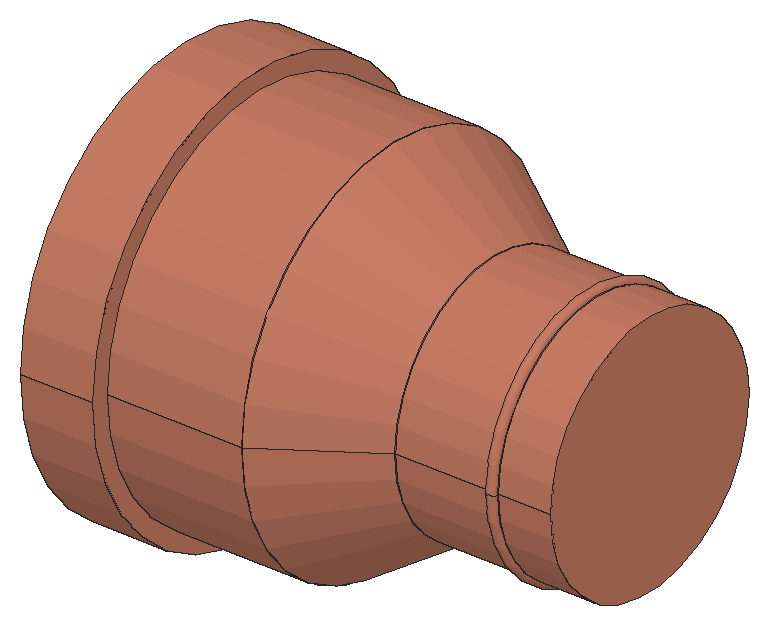
Revit family "CouplingReducer-B-PressXL-Water-Gas-Conex-65-100mm", category Pipe Fittings, Revit 2019
Family settings
  Round Connector Dimension = Use Diameter
  Part Type = Transition
  OmniClass Number = 23.60.30.11.14
  OmniClass Title = Pipework Fittings
  Work Plane-Based = No
  Always vertical = Yes
  Cut with Voids When Loaded = No
  Shared = No
Parameters (values of type "Gas")
  Z [instance] = if(or(and(WorkingFluidSelector = 1, NominalDiameter_1 = 100 mm, NominalDiameter_2 = 50 mm), and(WorkingFluidSelector = 1, NominalDiameter_1 = 50 mm, NominalDiameter_2 = 100 mm)), 49 mm, if(NominalDiameter_1 > NominalDiameter_2, size_lookup(Lookup Table Name, "Z", L * 0.3, NominalDiameter_1, NominalDiameter_2), size_lookup(Lookup Table Name, "Z", L * 0.3, NominalDiameter_2, NominalDiameter_1)))  # 31 mm
  WorkingFluidSelector = 1
  WorkingFluid [instance] = if(WorkingFluidSelector = 1, "Gas", if(WorkingFluidSelector = 2, "Water", "WorkingFluid NA"))  # "Gas"
  Uniformat IIElements = "TBC"
  URL = "http://www.conexbanninger.com.au/products/b-press-fittings#t=b-press-xl"
  Type Comments = "TBC"
  SerialNumber [instance] = ""
  SealRingLength [instance] = EngagementLength * 0.35  # 21 mm
  RightSideSealRingDiameter [instance] = NominalDiameter_2 * 1.2  # 78 mm
  LeftSideSealRingDiameter [instance] = NominalDiameter_1 * 1.2  # 120 mm
  RingThickness [instance] = 3 mm  # constant formula
  RingCenter [instance] = L * 0.125  # 16.75 mm
  RightSideRingAlignment [instance] = FittingOutsideDiameter_2 / 2  # 35.75 mm
  RightSocketLength [instance] = if(NominalDiameter_1 < NominalDiameter_2, EngagementLength, L - (EngagementLength + Z - 2 mm))  # 45 mm
  RightSocketDepth [instance] = if(NominalDiameter_1 < NominalDiameter_2, EngagementLength, L - (EngagementLength + Z))  # 43 mm
  ProductCode [instance] = if(and(NominalDiameter_1 = 65 mm, NominalDiameter_2 = 32 mm, WorkingFluidSelector = 1), "404888", if(and(NominalDiameter_1 = 32 mm, NominalDiameter_2 = 65 mm, WorkingFluidSelector = 1), "404888", if(and(NominalDiameter_1 = 65 mm, NominalDiameter_2 = 40 mm, WorkingFluidSelector = 1), "404889", if(and(NominalDiameter_1 = 40 mm, NominalDiameter_2 = 65 mm, WorkingFluidSelector = 1), "404889", if(and(NominalDiameter_1 = 65 mm, NominalDiameter_2 = 50 mm, WorkingFluidSelector = 1), "404890", if(and(NominalDiameter_1 = 50 mm, NominalDiameter_2 = 65 mm, WorkingFluidSelector = 1), "404890", if(and(NominalDiameter_1 = 80 mm, NominalDiameter_2 = 40 mm, WorkingFluidSelector = 1), "404891", if(and(NominalDiameter_1 = 40 mm, NominalDiameter_2 = 80 mm, WorkingFluidSelector = 1), "404891", if(and(NominalDiameter_1 = 80 mm, NominalDiameter_2 = 50 mm, WorkingFluidSelector = 1), "404892", if(and(NominalDiameter_1 = 50 mm, NominalDiameter_2 = 80 mm, WorkingFluidSelector = 1), "404892", if(and(NominalDiameter_1 = 80 mm, NominalDiameter_2 = 65 mm, WorkingFluidSelector = 1), "404893", if(and(NominalDiameter_1 = 65 mm, NominalDiameter_2 = 80 mm, WorkingFluidSelector = 1), "404893", if(and(NominalDiameter_1 = 100 mm, NominalDiameter_2 = 50 mm, WorkingFluidSelector = 1), "404894", if(and(NominalDiameter_1 = 50 mm, NominalDiameter_2 = 100 mm, WorkingFluidSelector = 1), "404894", if(and(NominalDiameter_1 = 100 mm, NominalDiameter_2 = 65 mm, WorkingFluidSelector = 1), "404895", if(and(NominalDiameter_1 = 65 mm, NominalDiameter_2 = 100 mm, WorkingFluidSelector = 1), "404895", if(and(NominalDiameter_1 = 100 mm, NominalDiameter_2 = 80 mm, WorkingFluidSelector = 1), "404896", if(and(NominalDiameter_1 = 80 mm, NominalDiameter_2 = 100 mm, WorkingFluidSelector = 1), "404896", if(and(NominalDiameter_1 = 65 mm, NominalDiameter_2 = 32 mm, WorkingFluidSelector = 2), "404822", if(and(NominalDiameter_1 = 32 mm, NominalDiameter_2 = 65 mm, WorkingFluidSelector = 2), "404822", if(and(NominalDiameter_1 = 65 mm, NominalDiameter_2 = 40 mm, WorkingFluidSelector = 2), "404823", if(and(NominalDiameter_1 = 40 mm, NominalDiameter_2 = 65 mm, WorkingFluidSelector = 2), "404823", if(and(NominalDiameter_1 = 65 mm, NominalDiameter_2 = 50 mm, WorkingFluidSelector = 2), "404824", if(and(NominalDiameter_1 = 50 mm, NominalDiameter_2 = 65 mm, WorkingFluidSelector = 2), "404824", if(and(NominalDiameter_1 = 80 mm, NominalDiameter_2 = 40 mm, WorkingFluidSelector = 2), "404825", if(and(NominalDiameter_1 = 40 mm, NominalDiameter_2 = 80 mm, WorkingFluidSelector = 2), "404825", if(and(NominalDiameter_1 = 80 mm, NominalDiameter_2 = 50 mm, WorkingFluidSelector = 2), "404826", if(and(NominalDiameter_1 = 50 mm, NominalDiameter_2 = 80 mm, WorkingFluidSelector = 2), "404826", if(and(NominalDiameter_1 = 80 mm, NominalDiameter_2 = 65 mm, WorkingFluidSelector = 2), "404827", if(and(NominalDiameter_1 = 65 mm, NominalDiameter_2 = 80 mm, WorkingFluidSelector = 2), "404827", if(and(NominalDiameter_1 = 100 mm, NominalDiameter_2 = 50 mm, WorkingFluidSelector = 2), "404828", if(and(NominalDiameter_1 = 50 mm, NominalDiameter_2 = 100 mm, WorkingFluidSelector = 2), "404828", if(and(NominalDiameter_1 = 100 mm, NominalDiameter_2 = 65 mm, WorkingFluidSelector = 2), "404829", if(and(NominalDiameter_1 = 65 mm, NominalDiameter_2 = 100 mm, WorkingFluidSelector = 2), "404829", if(and(NominalDiameter_1 = 100 mm, NominalDiameter_2 = 80 mm, WorkingFluidSelector = 2), "404830", if(and(NominalDiameter_1 = 80 mm, NominalDiameter_2 = 100 mm, WorkingFluidSelector = 2), "404830", "ProductCode NA"))))))))))))))))))))))))))))))))))))  # "404895"
  Option_1 [instance] = not(Option_2)  # yes
  Option_2 [instance] = NominalDiameter_2 > NominalDiameter_1  # no
  OmniclassProducts = "TBC"
  NATSPECWorkSection = "TBC"
  Model Version = "2015"
  Model Status [instance] = ""
  Model Specification = "BMA"
  Mark [instance] = ""
  Loss Method = Not Defined
  LeftSocketLength [instance] = if(NominalDiameter_1 > NominalDiameter_2, EngagementLength, L - (EngagementLength + Z - 2 mm))  # 60 mm
  LeftSocketDepth [instance] = if(NominalDiameter_1 > NominalDiameter_2, EngagementLength, L - (EngagementLength + Z))  # 60 mm
  LeftSideRingAlignment [instance] = FittingOutsideDiameter_1 / 2  # 55 mm
  L [instance] = if(NominalDiameter_1 > NominalDiameter_2, size_lookup(Lookup Table Name, "L", NominalDiameter_1 * 2.5, NominalDiameter_1, NominalDiameter_2), size_lookup(Lookup Table Name, "L", NominalDiameter_1 * 2.5, NominalDiameter_2, NominalDiameter_1))  # 134 mm
  built-in parameter 1114211 [instance] = 50 mm
  built-in parameter 1114212 [instance] = 50 mm
  NominalDiameter_2 [instance] = 65 mm
  NominalDiameter_1 [instance] = 100 mm
  ModifiedIssue_ANZRS = 20161220.54  # constant formula
  Model = "Coupling Reducer"  # constant formula
  Material = Copper
  Manufacturer = "Conex | Bänninger"  # constant formula
  Lookup Table Name [instance] = "CouplingReducer-B-PressXL-Water-Gas-Conex-65-100mm"
  K Coefficient Table = "Reducer/Coupling/Union/Increaser"
  built-in parameter 1114238 [instance] = not(0 mm < size_lookup(Lookup Table Name, "L", 0 mm, NominalDiameter_1, NominalDiameter_2))  # (empty or 0)
  FittingOutsideDiameter_2 [instance] = NominalDiameter_2 * 1.1  # 71.5 mm
  FittingOutsideDiameter_1 [instance] = NominalDiameter_1 * 1.1  # 110 mm
  FinalHHWFlow [instance] = 0.0 L/s
  EngagementLength [instance] = if(NominalDiameter_1 > NominalDiameter_2, size_lookup(Lookup Table Name, "EL", NominalDiameter_1, NominalDiameter_1, NominalDiameter_2), size_lookup(Lookup Table Name, "EL", NominalDiameter_1, NominalDiameter_2, NominalDiameter_1))  # 60 mm
  Description = ">B< Press XL has only two internal parts, the grip ring and the seal. Both parts have an internal diameter larger than the tube, which allows for easy tube insertion and pre press leak indication."  # constant formula
  CustomFitting [instance] = not(0 mm < size_lookup(Lookup Table Name, "L", 0 mm, NominalDiameter_1, NominalDiameter_2))  # no
  CreatedByURL_ANZRS = "http://www.bimmepaus.com.au/"
  CreatedBy = "A2K Technologies"  # constant formula
  Assembly Code = "D2090800"
Types (2, lengths in mm): name | WorkingFluidSelector | WorkingFluid | ProductCode
  Gas | 1 | "Gas" | "404895"
  Water | 2 | "Water" | "404829"
Reference planes
  plane 1 "Center (Front/Back)": y = 0
  plane 2: z = 0
  plane 3 "Center (Left/Right)": x = 0
  plane 4 "LEL": x = 60
  plane 5 "Z_R": x = 91
  plane 6: x = 134
  plane 7 "r2": z = 0
  plane 8: y = 50
  plane 9: y = -50
  plane 10: y = 0
  plane 11: z = -50
  plane 12: z = 50
  plane 13 "T_R": x = 89
  plane 14 "LSRL": x = 21
  plane 15 "RRC": x = 117.25
  plane 16 "REL": x = 74
  plane 17 "RSRL": x = 113
  plane 18 "LRC": x = 16.75
  plane 19 "Left Socket Depth": x = 60
  plane 20 "Right Socket Depth": x = 91
Forms (mm)
  Extrusion 1, solid, material "Copper" <- "Material", detail levels fine
    sketch origin (0, 0, 5) x (0, 1, 0) y (0, 0, 1)
      loop
        circle (0, -5) r 55
    from 0 to 60
  Extrusion 2, solid, material "Copper" <- "Material", detail levels fine
    sketch origin (0, -1.25, -1) x (0, 1, 0) y (0, 0, 1)
      loop
        circle (1.25, 1) r 35.75
    from 89 to 134
  Blend 3, solid, material "Copper" <- "Material", detail levels fine
    base sketch origin (89, -1.25, -1) x (0, -1, 0) y (0, 0, 1)
      loop
        circle (-1.25, 1) r 55
    top sketch origin (89, -1.25, -1) x (0, -1, 0) y (0, 0, 1)
      loop
        circle (-1.25, 1) r 35.75
    from 29 to 0
  Extrusion 4, solid, material "Copper" <- "Material", visible <- "Option_1", detail levels fine
    sketch origin (0, 0, 5) x (0, -1, 0) y (0, 0, 1)
      loop
        circle (0, -5) r 60
    from 0 to -21
  Revolve 5, solid, material "Copper" <- "Material", visible <- "Option_1", detail levels fine
    sketch origin (-545.213, -1524, 0) x (-1, 0, 0) y (0, -1, 0)
      loop
        line (-660.963, -1524) -> (-663.963, -1524) -> (-663.963, -1559.75)
        arc (-663.963, -1559.75) -> (-662.463, -1561.25) -> (-660.963, -1559.75) r 1.5
        line (-660.963, -1559.75) -> (-660.963, -1524)
      axis (-660.963, -1524) -> (-663.963, -1524)
    angle from 0 to 360
  Revolve 6, solid, material "Copper" <- "Material", visible <- "Option_2", detail levels fine
    sketch origin (0, 0, 0) x (1, 0, 0) y (0, 1, 0)
      loop
        line (15.25, 0) -> (18.25, 0) -> (18.25, 55)
        arc (18.25, 55) -> (16.75, 56.5) -> (15.25, 55) r 1.5
        line (15.25, 55) -> (15.25, 0)
      axis (15.25, 0) -> (18.25, 0)
    angle from 0 to 360
  Extrusion 7, solid, material "Copper" <- "Material", visible <- "Option_2", detail levels fine
    sketch origin (134, 2000, 1200) x (0, 1, 0) y (0, 0, 1)
      loop
        circle (-2000, -1200) r 39
    from 0 to -21
Lines and regions (mm)
  model lines, visible <- "Option_1", detail levels coarse+medium
    curve 1: line (60, 50, 0) -> (60, -50, 0)
    curve 2: line (60, 50, 0) -> (91, 0, 0)
    curve 3: line (60, -50, 0) -> (91, 0, 0)
  model lines, visible <- "Option_2", detail levels coarse+medium
    curve 4: line (91, -50, 0) -> (91, 50, 0)
    curve 5: line (91, 50, 0) -> (60, 0, 0)
    curve 6: line (91, -50, 0) -> (60, 0, 0)
Dimensions and locks
  "L": plane 3 "Center (Left/Right)" to plane 6
  equal spacing: plane 8, plane 1 "Center (Front/Back)", plane 9
  "NominalDiameter_1": plane 8 to plane 9
  "built-in parameter 1114211": plane 10 to plane 9
  "built-in parameter 1114212": plane 7 "r2" to plane 11
  equal spacing: plane 12, level, plane 11
  "NominalDiameter_1": plane 12 to plane 11
  locked: plane 13 "T_R" to plane 5 "Z_R" at 2
  "LeftSocketLength": plane 3 "Center (Left/Right)" to plane 4 "LEL"
  "SealRingLength": plane 3 "Center (Left/Right)" to plane 14 "LSRL"
  "RingCenter": plane 6 to plane 15 "RRC"
  equal spacing: Revolve 5 sketch curve, plane 15 "RRC", Revolve 5 sketch curve
  "RingThickness": Revolve 5 sketch curve to Revolve 5 sketch curve
  "RightSideRingAlignment": Revolve 5 sketch curve to plane 10
  "EngagementLength": plane 16 "REL" to plane 6
  "SealRingLength": plane 17 "RSRL" to plane 6
  "RingCenter": plane 3 "Center (Left/Right)" to plane 18 "LRC"
  equal spacing: curve 4, plane 10, curve 4
  "NominalDiameter_1": curve 4 to curve 4
  "RightSocketDepth": plane 20 "Right Socket Depth" to plane 6
  "LeftSocketDepth": plane 3 "Center (Left/Right)" to plane 19 "Left Socket Depth"
  locked: connector elem to plane 1 "Center (Front/Back)" at 0
  locked: connector elem to level at 0
  locked: connector elem to plane 10 at 0
  locked: connector elem to plane 7 "r2"
  "NominalDiameter_1": curve 2 to curve 3
  equal spacing: curve 3, plane 1 "Center (Front/Back)", curve 2
  "RightSocketLength": plane 13 "T_R" to plane 6
  equal spacing: Revolve 6 sketch curve, plane 18 "LRC", Revolve 6 sketch curve
  "LeftSideRingAlignment": plane 1 "Center (Front/Back)" to Revolve 6 sketch curve
  "RingThickness": Revolve 6 sketch curve to Revolve 6 sketch curve
  "FittingOutsideDiameter_2": diameter of Extrusion 2 sketch curve
  "FittingOutsideDiameter_1": diameter of Extrusion 1 sketch curve
  "LeftSideSealRingDiameter": diameter of Extrusion 4 sketch curve
  "RingThickness": diameter of Revolve 5 sketch curve
  "RingThickness": diameter of Revolve 6 sketch curve
  "RightSideSealRingDiameter": diameter of Extrusion 7 sketch curve
  aligned and locked: Extrusion 1 to plane 3 "Center (Left/Right)"
  aligned and locked: plane 4 "LEL" to Extrusion 1
  aligned and locked: plane 6 to Extrusion 2
  aligned and locked: plane 1 "Center (Front/Back)" to Extrusion 1 sketch curve
  aligned and locked: plane 7 "r2" to Extrusion 2 sketch curve
  aligned and locked: plane 10 to Extrusion 2 sketch curve
  aligned and locked: level to Extrusion 1 sketch curve
  aligned and locked: Extrusion 2 to plane 13 "T_R"
  aligned and locked: Blend 3 sketch curve to Extrusion 1  (x2)
  aligned and locked: Blend 3 sketch curve to Extrusion 2  (x2)
  aligned and locked: plane 4 "LEL" to Blend 3
  aligned and locked: Blend 3 to Extrusion 2
  aligned and locked: level to Extrusion 4 sketch curve
  aligned and locked: plane 1 "Center (Front/Back)" to Extrusion 4 sketch curve
  aligned and locked: plane 3 "Center (Left/Right)" to Extrusion 4
  aligned and locked: Extrusion 4 to plane 14 "LSRL"
  aligned and locked: Revolve 5 sketch curve to plane 10  (x2)
  aligned and locked: curve 4 to plane 20 "Right Socket Depth"
  aligned and locked: plane 20 "Right Socket Depth" to curve 3
  aligned and locked: plane 10 to curve 2
  aligned and locked: curve 1 to plane 19 "Left Socket Depth"
  aligned and locked: plane 19 "Left Socket Depth" to curve 5
  aligned and locked: plane 1 "Center (Front/Back)" to curve 5
  aligned and locked: plane 1 "Center (Front/Back)" to Revolve 6 sketch curve  (x2)
  aligned and locked: plane 10 to Extrusion 7 sketch curve
  aligned and locked: plane 7 "r2" to Extrusion 7 sketch curve
  aligned and locked: Extrusion 7 to plane 6
  aligned and locked: Extrusion 7 to plane 17 "RSRL"
Automatic sketch dimensions
  plane 6 to Revolve 5 sketch curve = 116.3 mm
  Revolve 5 sketch curve to Revolve 5 sketch curve = 20 mm
  Revolve 6 sketch curve to plane 3 "Center (Left/Right)" = 171.25 mm
  Revolve 6 sketch curve to Revolve 6 sketch curve = 35 mm
Connectors
  piping at (60, 0, 0), diameter 100, driven by "NominalDiameter_1"
    settings: on plane 19 "Left Socket Depth", index 1, connector inside diameter 609.6 mm, connector length 0 mm, flow factor 0, pipe flow 0.0 L/s, pressure drop 0.0 Pa, fitting loss kfactor 0, connector angle 0.00°, fixture units 0, engagement length 0 mm, angle of deflection 0.00°, flow configuration 0, flow direction 0, fitting loss method 0, system type 28, joint type 0, gender type 0, connector reference index 2, connector utility 0, adjustable connector no, is connector primary yes, connector description ""
  piping at (91, 0, 0), diameter 65, driven by "NominalDiameter_2"
    settings: on plane 20 "Right Socket Depth", index 2, connector inside diameter 609.6 mm, connector length 0 mm, flow factor 0, pipe flow 0.0 L/s, pressure drop 0.0 Pa, fitting loss kfactor 0, connector angle 0.00°, fixture units 0, engagement length 0 mm, angle of deflection 0.00°, flow configuration 0, flow direction 0, fitting loss method 0, system type 28, joint type 0, gender type 0, connector reference index 1, connector utility 0, adjustable connector no, is connector primary no, connector description ""
